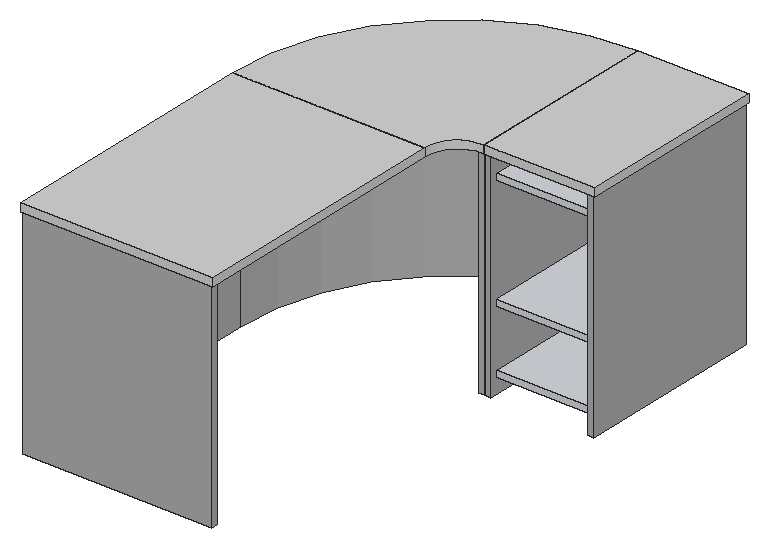
Revit family
Parameters
  Top shelf From Top = 0' - 4"
  Right Wing = 1' - 5 3/4"
  Left Wing = 3' - 6 1/2"
  Desktop [instance] = Desktop
  Desk Base [instance] = Desk Base
  Center Shelf From Top = 1' - 6"
  Bottom Shelf from Floor = 0' - 2 63/128"
Reference planes (in)
  plane 1 "Center Front/Back": y = 0
  plane 2: z = 0
  plane 3 "Center Left/Right": x = 0
  plane 4: y = 18
  plane 5 "Left End": y = -18
  plane 6: x = -18
  plane 7 "Right End": x = 18
  plane 8 "Right Inside End": y = -12.75
  plane 9 "Left Inside End": x = 12.75
  plane 10 "Bottom Of Top": z = -1.25
  plane 11 "Base Ouside Left End": y = -18
  plane 12 "Base Outside Right End": x = 18
  plane 13 "Bottom": z = -36
  plane 14 "Left Wing": y = -60.5
  plane 15 "Right Wing": x = 35.75
  plane 16 "Bottom Shelf": z = -33.50781
  plane 17 "Center Shelf": z = -23.25
  plane 18 "Top Shelf": z = -5.25
Forms (in)
  Extrusion 1, solid, material "Desktop" <- "Desktop"
    sketch origin (0, 0, 0) x (1, 0, 0) y (0, 1, 0)
      loop
        arc (18, 18) -> (-7.45584, 7.45584) -> (-18, -18) r 36
        line (-18, -18) -> (12.75, -18)
        arc (12.75, -18) -> (14.28769, -14.28769) -> (18, -12.75) r 5.25
        line (18, -12.75) -> (18, 18)
    from 0 to -1.25
  Extrusion 2, solid, material "Desk Base" <- "Desk Base"
    sketch origin (0, 0, -36) x (0, 1, 0) y (-1, 0, 0)
      loop
        line (16.72274, -17.0797) -> (-12.59655, -17.0797)
        arc (-12.59655, -17.0797) -> (-12.53193, -17.53794) -> (-12.50612, -18) r 5.49202
        line (-12.50612, -18) -> (17.75, -18)
        arc (17.75, -18) -> (7.27907, 7.27907) -> (-18, 17.75) r 35.75
        line (-18, 17.75) -> (-18, 16.7461)
        arc (-18, 16.7461) -> (6.23041, 6.88438) -> (16.72274, -17.0797) r 34.76085
    from 0 to 34.75
  Extrusion 3, solid, material "Desktop" <- "Desktop"
    sketch origin (0, 0, -1.25) x (0, 1, 0) y (-1, 0, 0)
      loop
        line (18, -18) -> (-12.75, -18) -> (-12.75, -35.75) -> (18, -35.75) -> (18, -18)
      loop
        line (-18, 18) -> (-60.5, 18) -> (-60.5, -12.75) -> (-18, -12.75) -> (-18, 18)
    from 0 to 1.25
  Extrusion 4, solid, material "Desk Base"
    sketch origin (0, 0, -36) x (0, 1, 0) y (-1, 0, 0)
      loop
        line (17.75, -35.5) -> (17.75, -18) -> (-12.50612, -18) -> (-12.50612, -19) -> (16.75, -19) -> (16.75, -34.5) -> (-12.50612, -34.5) -> (-12.50612, -35.5) -> (17.75, -35.5)
      loop
        line (-18, 17.75) -> (-60.25, 17.75) -> (-60.25, -12.5) -> (-59.25, -12.5) -> (-59.25, 16.75) -> (-18, 16.75) -> (-18, 17.75)
    from 0 to 34.75
  Extrusion 5, solid
    sketch origin (0, 0, -33.50781) x (0, -1, 0) y (1, 0, 0)
      loop
        line (-16.75, 19) -> (11.50612, 19) -> (11.50612, 34.5) -> (-16.75, 34.5) -> (-16.75, 19)
    from 0 to 1
  Extrusion 6, solid
    sketch origin (0, 0, -23.25) x (0, -1, 0) y (1, 0, 0)
      loop
        line (-16.75, 19) -> (11.50612, 19) -> (11.50612, 34.5) -> (-16.75, 34.5) -> (-16.75, 19)
    from 0 to 1
  Extrusion 7, solid
    sketch origin (0, 0, -5.25) x (0, -1, 0) y (1, 0, 0)
      loop
        line (-16.75, 19) -> (11.50612, 19) -> (11.50612, 34.5) -> (-16.75, 34.5) -> (-16.75, 19)
    from 0 to 1
Dimensions and locks (in)
  equal spacing: plane 4, plane 1 "Center Front/Back", plane 5 "Left End"
  locked: plane 4 to plane 5 "Left End" at 36
  equal spacing: plane 6, plane 3 "Center Left/Right", plane 7 "Right End"
  locked: plane 6 to plane 7 "Right End" at 36
  plane 6 to plane 9 "Left Inside End" = 2' - 6 3/4"
  plane 4 to plane 8 "Right Inside End" = 2' - 6 3/4"
  level to plane 10 "Bottom Of Top" = 0' - 1 1/4"
  locked: level to plane 13 "Bottom" at 36
  "Left Wing": plane 11 "Base Ouside Left End" to plane 14 "Left Wing"
  "Right Wing": plane 12 "Base Outside Right End" to plane 15 "Right Wing"
  "Top shelf From Top": plane 10 "Bottom Of Top" to plane 18 "Top Shelf"
  "Center Shelf From Top": plane 18 "Top Shelf" to plane 17 "Center Shelf"
  "Bottom Shelf from Floor": plane 16 "Bottom Shelf" to plane 13 "Bottom"
  locked: Extrusion 4 to Extrusion 5 sketch curve at 1
  locked: Extrusion 5 to Extrusion 5 at 1
  aligned: Extrusion 2 to plane 11 "Base Ouside Left End"
  aligned and locked: plane 12 "Base Outside Right End" to Extrusion 2
  aligned and locked: Extrusion 2 sketch curve to plane 11 "Base Ouside Left End"
  aligned and locked: plane 11 "Base Ouside Left End" to plane 5 "Left End"
  aligned and locked: plane 12 "Base Outside Right End" to plane 7 "Right End"
  aligned and locked: plane 8 "Right Inside End" to Extrusion 3 sketch curve
  aligned and locked: Extrusion 3 sketch curve to plane 4
  aligned and locked: plane 12 "Base Outside Right End" to Extrusion 3 sketch curve
  aligned and locked: Extrusion 3 sketch curve to plane 15 "Right Wing"
  aligned and locked: Extrusion 3 sketch curve to plane 11 "Base Ouside Left End"
  aligned and locked: Extrusion 3 sketch curve to plane 6
  aligned and locked: plane 14 "Left Wing" to Extrusion 3 sketch curve
  aligned and locked: Extrusion 3 sketch curve to plane 9 "Left Inside End"
  aligned and locked: plane 2 to Extrusion 1
  aligned and locked: Extrusion 1 to plane 10 "Bottom Of Top"
  aligned and locked: Extrusion 3 to plane 10 "Bottom Of Top"
  aligned and locked: Extrusion 4 to plane 10 "Bottom Of Top"
  aligned and locked: Extrusion 4 to Extrusion 5 sketch curve  (x2)
  aligned and locked: Extrusion 5 sketch curve to Extrusion 4
  aligned and locked: Extrusion 4 to Extrusion 6 sketch curve  (x2)
  aligned and locked: Extrusion 6 sketch curve to Extrusion 5
  aligned and locked: Extrusion 6 sketch curve to Extrusion 4
  aligned and locked: Extrusion 4 to Extrusion 7 sketch curve  (x2)
  aligned and locked: Extrusion 7 sketch curve to Extrusion 4
  aligned and locked: Extrusion 7 sketch curve to Extrusion 6
Automatic sketch dimensions
  Extrusion 1 sketch curve to plane 5 "Left End" = 0' - 0"
  Extrusion 1 sketch curve to plane 6 = 0' - 0"
  Extrusion 1 sketch curve to plane 9 "Left Inside End" = 0' - 0"
  Extrusion 1 sketch curve to plane 8 "Right Inside End" = 0' - 0"
  Extrusion 2 sketch curve to plane 12 "Base Outside Right End" = 0' - 0"
  plane 5 "Left End" to Extrusion 2 sketch curve = 0' - 0.00237"
  plane 7 "Right End" to Extrusion 2 sketch curve = 0' - 0.01474"
  Extrusion 2 sketch curve to plane 5 "Left End" = 0' - 0.02553"
  plane 8 "Right Inside End" to Extrusion 2 sketch curve = 0' - 0.15345"
  plane 8 "Right Inside End" to Extrusion 2 sketch curve = 0' - 0.24388"
  Extrusion 2 sketch curve to plane 4 = 0' - 1.27726"
  Extrusion 2 sketch curve to Extrusion 2 sketch curve = 0' - 0.06029"
  Extrusion 4 sketch curve to plane 5 "Left End" = 0' - 0"
  Extrusion 4 sketch curve to plane 7 "Right End" = 0' - 0"
  plane 14 "Left Wing" to Extrusion 4 sketch curve = 0' - 1 1/4"
  plane 14 "Left Wing" to Extrusion 4 sketch curve = 0' - 0 1/4"
  plane 8 "Right Inside End" to Extrusion 4 sketch curve = 0' - 0.24388"  (x2)
  Extrusion 4 sketch curve to plane 4 = 0' - 1 1/4"
  Extrusion 4 sketch curve to plane 4 = 0' - 0 1/4"
  plane 7 "Right End" to Extrusion 4 sketch curve = 0' - 1"
  Extrusion 4 sketch curve to plane 15 "Right Wing" = 0' - 1 1/4"
  Extrusion 4 sketch curve to plane 15 "Right Wing" = 0' - 0 1/4"
  Extrusion 4 sketch curve to plane 9 "Left Inside End" = 0' - 0 1/4"
  plane 6 to Extrusion 4 sketch curve = 0' - 1 1/4"
  plane 6 to Extrusion 4 sketch curve = 0' - 0 1/4"
  plane 6 to Extrusion 2 sketch curve = 0' - 0 1/4"
